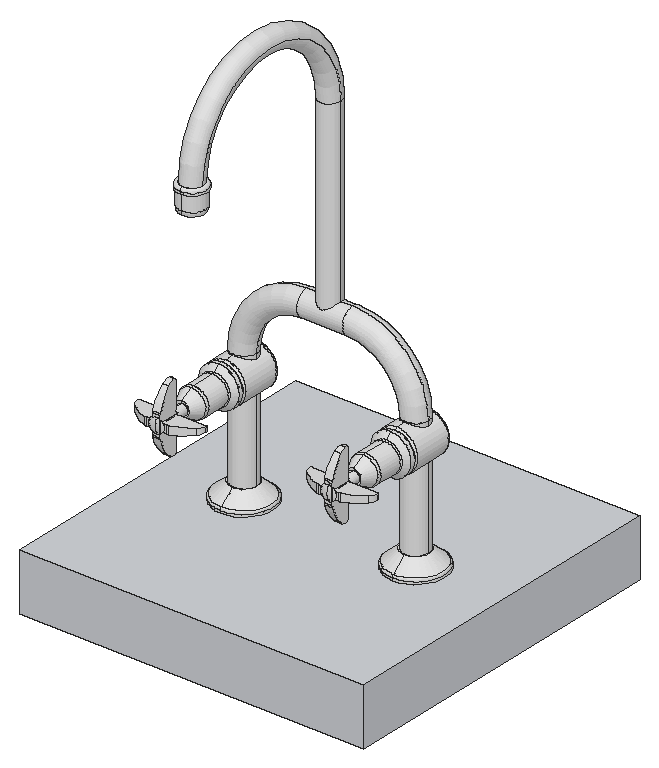
Revit family
Parameters (values of type "TL13FJ1C")
  WELSRating_ANZRS = "5 star"
  URL = "www.galvinengineering.com.au"
  Type Comments = "TL13"
  TubeNozzleVisibility = no
  StyleOrType_ANZRS = "Plumbing Fixture"
  Seating = "Jumper Valve"
  PlumbingMaterial_ANZRS = Metal_Taps_DR-Brass-with-Chrome-Finish_10800
  Outlet = "#1 Aerator"
  ModifiedIssue_ANZRS = 20120305.01  # constant formula
  Model = "TL13FJ1C"
  Manufacturer = "Galvin Engineering"
  Keynote = "15400"
  Instructions = "http://www.galvinengineering.com.au/Installation_Guides_1.aspx"
  Inlet = "15mm Male"
  FlowRate = 0.10 L/s
  FilterObject_ANZRS = "TL13"
  Description = "Lab Set H & C Mixing Unit Type 13 Fixed Outlet, Jumper Valves"
  Default Elevation = 900 mm
  CreatedBy_ANZRS = "Galvin Engineering"
  CreatedByURL_ANZRS = "www.galvinengineering.com.au"
  CreatedByPhoneNo_ANZRS = "61-8-92495900"
  Circulation_ANZRS = yes
  Assembly Code = "D2010"
  AeratorVisibility = not(TubeNozzleVisibility)  # yes
Types (4, lengths in mm): name | TubeNozzleVisibility | Outlet | Model | Description | AeratorVisibility
  (no name) | no | "#1 Aerator" | "TL13FJ1C" | "Lab Set H & C Mixing Unit Type 13 Fixed Outlet, Jumper Valves" | yes
  TL13FJ1C | no | "#1 Aerator" | "TL13FJ1C" | "Lab Set H & C Mixing Unit Type 13 Fixed Outlet, Jumper Valves" | yes
  TL13SJ1C | no | "#1 Aerator" | "TL13SJ1C" | "Lab Set H & C Mixing Unit Type 13 Swivel Outlet, Jumper Valves" | yes
  TL13SJ16C | yes | "#16 XT Tube Nozzle with Integral Mini Dual Check Valve" | "TL13SJ16C" | "Lab H & C Mixing Unit Type 13 Swivel Outlet, Jumper Valves" | no
Reference planes
  plane 1 "Center (Front/Back)": y = 0
  plane 2 "Face": z = 0
  plane 3 "Center (Left/Right)": x = 0
  plane 4 "Left": x = -75
  plane 5 "Right": x = 75
  plane 6 "ConnectorHostRight": z = 0
Forms (mm)
  Extrusion 1, solid
    sketch origin (0, -719.2, 0) x (1, 0, 0) y (0, 1, 0)
      loop
        line (-150, 869.2) -> (-150, 569.2) -> (150, 569.2) -> (150, 869.2) -> (-150, 869.2)
    from 0 to -50
  Revolve 2, solid, material "Metal_Taps_DR-Brass-with-Chrome-Finish_10800" <- "PlumbingMaterial_ANZRS"
    sketch origin (-75, 0, 0) x (0, 1, 0) y (0, 0, 1)
      loop
        arc (-24.197, 4.315) -> (-24.988, 3.281) -> (-25.27, 2.01) r 3.014
        line (-25.27, 2.01) -> (-25.27, 0) -> (0, 0) -> (0, 14.368) -> (-12.258, 14.368) -> (-24.197, 4.315)
      axis (0, 0) -> (0, 14.368)
    angle from 0 to 360
  Revolve 3, solid, material "Metal_Taps_DR-Brass-with-Chrome-Finish_10800" <- "PlumbingMaterial_ANZRS"
    sketch origin (-75, 0, 0) x (0, 1, 0) y (0, 0, 1)
      loop
        arc (-96.5, 99.508) -> (-96.207, 96.157) -> (-95.336, 92.908) r 19.294
        line (-95.336, 92.908) -> (-95.336, 98.34) -> (-76.936, 98.34) -> (-76.936, 94.778) -> (-67.5, 94.778) -> (-67.5, 93.008) -> (-56.585, 87.369)
        arc (-56.585, 87.369) -> (-55.465, 86.95) -> (-54.279, 86.808) r 5.024
        line (-54.279, 86.808) -> (-33.536, 86.808)
        arc (-33.536, 86.808) -> (-32.602, 86.627) -> (-31.804, 86.111) r 2.5
        line (-31.804, 86.111) -> (-27.25, 81.649) -> (-23.75, 81.649)
        arc (-23.75, 81.649) -> (-23.236, 82.154) -> (-22.843, 82.757) r 3.334
        line (-22.843, 82.757) -> (-20.1, 81.5) -> (13, 81.5)
        arc (13, 81.5) -> (14.768, 82.232) -> (15.5, 84) r 2.5
        line (15.5, 84) -> (15.5, 99.508) -> (-96.5, 99.508)
      axis (15.5, 99.508) -> (-96.5, 99.508)
    angle from 0 to 360
  Revolve 4, solid, material "Metal_Taps_DR-Brass-with-Chrome-Finish_10800" <- "PlumbingMaterial_ANZRS"
    sketch origin (-75, 0, 0) x (0, 1, 0) y (0, 0, 1)
      loop
        arc (-78.606, 69.605) -> (-77.486, 70.015) -> (-77.015, 71.11) r 1.507
        line (-77.015, 71.11) -> (-77.015, 127.376)
        arc (-77.015, 127.376) -> (-77.47, 128.456) -> (-78.562, 128.883) r 1.507
        arc (-78.562, 128.883) -> (-82.032, 128.231) -> (-84.988, 126.301) r 9.043
        arc (-84.988, 126.301) -> (-91.19, 118.494) -> (-95.28, 109.401) r 40.19
        arc (-95.28, 109.401) -> (-95.446, 108.671) -> (-95.502, 107.925) r 5.024
        line (-95.502, 107.925) -> (-95.502, 90.425)
        arc (-95.502, 90.425) -> (-95.447, 89.68) -> (-95.281, 88.952) r 5.024
        arc (-95.281, 88.952) -> (-91.265, 79.969) -> (-85.186, 72.231) r 40.19
        arc (-85.186, 72.231) -> (-82.164, 70.247) -> (-78.606, 69.605) r 9.043
      axis (-53.252, 128.883) -> (-53.252, 69.605)
    angle from -4.66 to 4.66
  Revolve 5, solid, material "Metal_Taps_DR-Brass-with-Chrome-Finish_10800" <- "PlumbingMaterial_ANZRS"
    sketch origin (-185.243, 253.328, 99.244) x (-1, 0, 0) y (0, -1, 0)
      loop
        arc (-139.881, 331.934) -> (-139.471, 330.815) -> (-138.376, 330.343) r 1.507
        line (-138.376, 330.343) -> (-82.11, 330.343)
        arc (-82.11, 330.343) -> (-81.03, 330.799) -> (-80.603, 331.89) r 1.507
        arc (-80.603, 331.89) -> (-81.255, 335.36) -> (-83.186, 338.316) r 9.043
        arc (-83.186, 338.316) -> (-90.992, 344.519) -> (-100.085, 348.609) r 40.19
        arc (-100.085, 348.609) -> (-100.815, 348.775) -> (-101.562, 348.831) r 5.024
        line (-101.562, 348.831) -> (-119.061, 348.831)
        arc (-119.061, 348.831) -> (-119.806, 348.775) -> (-120.534, 348.61) r 5.024
        arc (-120.534, 348.61) -> (-129.517, 344.593) -> (-137.255, 338.514) r 40.19
        arc (-137.255, 338.514) -> (-139.239, 335.492) -> (-139.881, 331.934) r 9.043
      axis (-80.603, 306.581) -> (-139.881, 306.581)
    angle from -4.66 to 4.66
  Sweep 6, solid, material "Metal_Taps_DR-Brass-with-Chrome-Finish_10800" <- "PlumbingMaterial_ANZRS"
    path origin (0, 0, 0) x (0, 1, 0) y (0, 0, 1)
      loop
        arc (-149.946, 340.477) -> (-74.967, 415.456) -> (0.013, 340.477) r 74.979
        line (0.013, 340.477) -> (0.013, 172.887)
    profile origin (0, 0.013, 256.682) x (1, 0, 0) y (0, 1, 0)
      loop
        circle (0, 0) r 9.55
  Revolve 7, solid, material "Metal_Taps_DR-Brass-with-Chrome-Finish_10800" <- "PlumbingMaterial_ANZRS"
    sketch origin (75, 0, 0) x (0, 1, 0) y (0, 0, 1)
      loop
        arc (-96.5, 99.508) -> (-96.207, 96.157) -> (-95.336, 92.908) r 19.294
        line (-95.336, 92.908) -> (-95.336, 98.34) -> (-76.936, 98.34) -> (-76.936, 94.778) -> (-67.5, 94.778) -> (-67.5, 93.008) -> (-56.585, 87.369)
        arc (-56.585, 87.369) -> (-55.465, 86.95) -> (-54.279, 86.808) r 5.024
        line (-54.279, 86.808) -> (-33.536, 86.808)
        arc (-33.536, 86.808) -> (-32.602, 86.627) -> (-31.804, 86.111) r 2.5
        line (-31.804, 86.111) -> (-27.25, 81.649) -> (-23.75, 81.649)
        arc (-23.75, 81.649) -> (-23.236, 82.154) -> (-22.843, 82.757) r 3.334
        line (-22.843, 82.757) -> (-20.1, 81.5) -> (13, 81.5)
        arc (13, 81.5) -> (14.768, 82.232) -> (15.5, 84) r 2.5
        line (15.5, 84) -> (15.5, 99.508) -> (-96.5, 99.508)
      axis (15.5, 99.508) -> (-96.5, 99.508)
    angle from 0 to 360
  Revolve 8, solid, material "Metal_Taps_DR-Brass-with-Chrome-Finish_10800" <- "PlumbingMaterial_ANZRS"
    sketch origin (75, 0, 0) x (0, 1, 0) y (0, 0, 1)
      loop
        arc (-78.606, 69.605) -> (-77.486, 70.015) -> (-77.015, 71.11) r 1.507
        line (-77.015, 71.11) -> (-77.015, 127.376)
        arc (-77.015, 127.376) -> (-77.47, 128.456) -> (-78.562, 128.883) r 1.507
        arc (-78.562, 128.883) -> (-82.032, 128.231) -> (-84.988, 126.301) r 9.043
        arc (-84.988, 126.301) -> (-91.19, 118.494) -> (-95.28, 109.401) r 40.19
        arc (-95.28, 109.401) -> (-95.446, 108.671) -> (-95.502, 107.925) r 5.024
        line (-95.502, 107.925) -> (-95.502, 90.425)
        arc (-95.502, 90.425) -> (-95.447, 89.68) -> (-95.281, 88.952) r 5.024
        arc (-95.281, 88.952) -> (-91.265, 79.969) -> (-85.186, 72.231) r 40.19
        arc (-85.186, 72.231) -> (-82.164, 70.247) -> (-78.606, 69.605) r 9.043
      axis (-53.252, 128.883) -> (-53.252, 69.605)
    angle from -4.66 to 4.66
  Revolve 9, solid, material "Metal_Taps_DR-Brass-with-Chrome-Finish_10800" <- "PlumbingMaterial_ANZRS"
    sketch origin (-35.243, 253.328, 99.244) x (-1, 0, 0) y (0, -1, 0)
      loop
        arc (-139.881, 331.934) -> (-139.471, 330.815) -> (-138.376, 330.343) r 1.507
        line (-138.376, 330.343) -> (-82.11, 330.343)
        arc (-82.11, 330.343) -> (-81.03, 330.799) -> (-80.603, 331.89) r 1.507
        arc (-80.603, 331.89) -> (-81.255, 335.36) -> (-83.186, 338.316) r 9.043
        arc (-83.186, 338.316) -> (-90.992, 344.519) -> (-100.085, 348.609) r 40.19
        arc (-100.085, 348.609) -> (-100.815, 348.775) -> (-101.562, 348.831) r 5.024
        line (-101.562, 348.831) -> (-119.061, 348.831)
        arc (-119.061, 348.831) -> (-119.806, 348.775) -> (-120.534, 348.61) r 5.024
        arc (-120.534, 348.61) -> (-129.517, 344.593) -> (-137.255, 338.514) r 40.19
        arc (-137.255, 338.514) -> (-139.239, 335.492) -> (-139.881, 331.934) r 9.043
      axis (-80.603, 306.581) -> (-139.881, 306.581)
    angle from -4.66 to 4.66
  Revolve 10, solid, material "Metal_Taps_DR-Brass-with-Chrome-Finish_10800" <- "PlumbingMaterial_ANZRS"
    sketch origin (75, 0, 0) x (0, 1, 0) y (0, 0, 1)
      loop
        arc (-24.197, 4.315) -> (-24.988, 3.281) -> (-25.27, 2.01) r 3.014
        line (-25.27, 2.01) -> (-25.27, 0) -> (0, 0) -> (0, 14.368) -> (-12.258, 14.368) -> (-24.197, 4.315)
      axis (0, 0) -> (0, 14.368)
    angle from 0 to 360
  Sweep 11, solid, material "Metal_Taps_DR-Brass-with-Chrome-Finish_10800" <- "PlumbingMaterial_ANZRS"
    path origin (0, 0, 0) x (1, 0, 0) y (0, 0, 1)
      loop
        line (-74.998, 14.3) -> (-74.998, 117.777)
        arc (-74.998, 117.777) -> (-58.856, 156.746) -> (-19.887, 172.888) r 55.11
        line (-19.887, 172.888) -> (19.888, 172.888)
        arc (19.888, 172.888) -> (58.856, 156.746) -> (74.998, 117.778) r 55.11
        line (74.998, 117.778) -> (74.998, 14.3)
    profile origin (-74.998, 0, 66.039) x (-1, 0, 0) y (0, -1, 0)
      loop
        circle (0, 0) r 11.11
  Revolve 12, solid, material "Metal_Taps_DR-Brass-with-Chrome-Finish_10800" <- "PlumbingMaterial_ANZRS", visible <- "AeratorVisibility"
    sketch origin (0, 0, 0) x (0, 1, 0) y (0, 0, 1)
      loop
        line (-150.101, 318.877) -> (-139.101, 318.877)
        arc (-139.101, 318.877) -> (-138.619, 320.595) -> (-138.501, 322.377) r 8.634
        line (-138.501, 322.377) -> (-138.501, 335.877) -> (-137.401, 335.877) -> (-137.401, 337.977)
        arc (-137.401, 337.977) -> (-138.133, 339.744) -> (-139.901, 340.477) r 2.5
        line (-139.901, 340.477) -> (-150.101, 340.477) -> (-150.101, 318.877)
      axis (-150.101, 340.477) -> (-150.101, 318.877)
    angle from 0 to 360
  Revolve 13, solid, material "Metal_Taps_DR-Brass-with-Chrome-Finish_10800" <- "PlumbingMaterial_ANZRS", visible <- "TubeNozzleVisibility"
    sketch origin (0, 0, 0) x (0, 1, 0) y (0, 0, 1)
      loop
        line (-162.588, 326.433) -> (-161.763, 326.433) -> (-160.097, 324.707)
        arc (-160.097, 324.707) -> (-159.785, 324.227) -> (-159.676, 323.665) r 1.5
        line (-159.676, 323.665) -> (-159.676, 293.877)
        arc (-159.676, 293.877) -> (-159.09, 292.463) -> (-157.676, 291.877) r 2
        line (-157.676, 291.877) -> (-155.378, 291.877) -> (-155.378, 288.377) -> (-156.178, 288.377) -> (-154.882, 284.077) -> (-155.678, 284.077) -> (-154.428, 279.777) -> (-155.228, 279.777) -> (-153.897, 275.477) -> (-154.678, 275.477) -> (-153.558, 271.622)
        arc (-153.558, 271.622) -> (-153.335, 271.301) -> (-152.964, 271.177) r 0.618
        line (-152.964, 271.177) -> (-149.829, 271.177) -> (-149.829, 340.477) -> (-160.076, 340.477)
        arc (-160.076, 340.477) -> (-161.852, 339.741) -> (-162.588, 337.965) r 2.512
        line (-162.588, 337.965) -> (-162.588, 326.433)
      axis (-149.829, 271.177) -> (-149.829, 340.477)
    angle from 0 to 360
Cuts and joins
  joined: Revolve 3, Sweep 6, Revolve 7, Sweep 11
Lines and regions (mm)
  symbolic lines, style "Taps/Mixers"
    curve 1: arc (0, -24.197, 4.315) -> (0, -24.988, 3.281) -> (0, -25.27, 2.01) r 3.014
    curve 2: arc (0, 25.27, 2.01) -> (0, 24.988, 3.281) -> (0, 24.197, 4.315) r 3.014
    curve 3: arc (0, -27.196, 100) -> (0, -28.476, 93.686) -> (0, -27.196, 87.371) r 16.219
    curve 4: arc (0, -23.696, 87.371) -> (0, -22.417, 93.686) -> (0, -23.696, 100) r 16.219
    curve 5: arc (0, -31.6, 86.456) -> (0, -32.445, 87.079) -> (0, -33.473, 87.3) r 2.5
    curve 6: arc (0, -23.696, 82.141) -> (0, -22.43, 84.756) -> (0, -23.696, 87.371) r 3.334
    curve 7: arc (0, -27.196, 87.371) -> (0, -28.463, 84.756) -> (0, -27.196, 82.141) r 3.334
    curve 8: arc (0, -56.528, 87.86) -> (0, -55.408, 87.441) -> (0, -54.222, 87.299) r 5.024
    curve 9: arc (0, -33.482, 112.7) -> (0, -32.525, 112.89) -> (0, -31.714, 113.432) r 2.5
    curve 10: arc (0, -23.696, 100) -> (0, -22.417, 106.314) -> (0, -23.696, 112.629) r 16.219
    curve 11: arc (0, -27.196, 112.629) -> (0, -28.476, 106.314) -> (0, -27.196, 100) r 16.219
    curve 12: arc (0, -27.196, 117.859) -> (0, -28.463, 115.244) -> (0, -27.196, 112.629) r 3.334
    curve 13: arc (0, -23.696, 112.629) -> (0, -22.43, 115.244) -> (0, -23.696, 117.859) r 3.334
    curve 14: arc (0, -54.231, 112.7) -> (0, -55.412, 112.559) -> (0, -56.526, 112.142) r 5
    curve 15: line (0, 11.166, 14.368) -> (0, 11.166, 81.499)
    curve 16: line (0, 12.258, 14.368) -> (0, -12.258, 14.368)
    curve 17: line (0, 25.27, 2.01) -> (0, -25.27, 2.01)
    curve 18: line (0, -25.27, 0) -> (0, -25.27, 2.01)
    curve 19: line (0, -12.258, 14.368) -> (0, -24.197, 4.315)
    curve 20: line (0, 12.258, 14.368) -> (0, 24.197, 4.315)
    curve 21: line (0, 25.27, 2.01) -> (0, 25.27, 0)
    curve 22: line (0, 25.27, 0) -> (0, -25.27, 0)
    curve 23: line (0, -56.526, 112.142) -> (0, -67.446, 106.5)
    curve 24: line (0, -67.446, 106.5) -> (0, -67.446, 93.501)
    curve 25: line (0, -67.446, 93.501) -> (0, -56.528, 87.86)
    curve 26: line (0, -33.473, 87.3) -> (0, -54.231, 87.3)
    curve 27: line (0, -54.231, 87.3) -> (0, -54.231, 112.7)
    curve 28: line (0, -54.231, 112.7) -> (0, -33.482, 112.7)
    curve 29: line (0, -28.446, 85.087) -> (0, -28.446, 115.575)
    curve 30: line (0, -23.696, 87.371) -> (0, -27.196, 87.371)
    curve 31: line (0, -23.696, 82.141) -> (0, -27.196, 82.141)
    curve 32: line (0, -27.196, 82.141) -> (0, -31.6, 86.456)
    curve 33: line (0, -22.442, 82.598) -> (0, -22.442, 117.402)
    curve 34: line (0, -23.696, 100) -> (0, -27.196, 100)
    curve 35: line (0, -23.696, 117.859) -> (0, -27.196, 117.859)
    curve 36: line (0, -27.196, 117.859) -> (0, -31.714, 113.432)
    curve 37: line (0, -23.696, 112.629) -> (0, -27.196, 112.629)
    curve 38: line (0, -11.059, 81.5) -> (0, -11.059, 14.368)
    curve 39: line (0, -67.446, 104.73) -> (0, -76.882, 104.73)
    curve 40: line (0, -67.446, 95.27) -> (0, -76.882, 95.27)
    curve 41: line (0, -76.882, 71.992) -> (0, -76.882, 128.127)
    curve 42: arc (0, -76.882, 128.127) -> (0, -77.341, 129.207) -> (0, -78.438, 129.626) r 1.5
    curve 43: arc (0, -78.438, 129.626) -> (0, -81.912, 128.985) -> (0, -84.871, 127.057) r 9
    curve 44: arc (0, -84.871, 127.057) -> (0, -91.045, 119.288) -> (0, -95.115, 110.237) r 40
    curve 45: arc (0, -95.115, 110.237) -> (0, -95.281, 109.511) -> (0, -95.336, 108.768) r 5
    curve 46: line (0, -95.336, 91.352) -> (0, -95.336, 108.768)
    curve 47: arc (0, -94.995, 105.067) -> (0, -94.264, 104.023) -> (0, -93.113, 103.475) r 2.5
    curve 48: line (0, -76.882, 102.055) -> (0, -93.113, 103.475)
    curve 49: arc (0, -95.336, 106.979) -> (0, -95.25, 106.008) -> (0, -94.995, 105.067) r 5.528
    curve 50: arc (0, -76.882, 71.992) -> (0, -77.341, 70.912) -> (0, -78.438, 70.493) r 1.5
    curve 51: arc (0, -78.438, 70.493) -> (0, -81.912, 71.134) -> (0, -84.871, 73.063) r 9
    curve 52: arc (0, -84.871, 73.063) -> (0, -91.045, 80.832) -> (0, -95.115, 89.882) r 40
    curve 53: arc (0, -95.115, 89.882) -> (0, -95.281, 90.609) -> (0, -95.336, 91.352) r 5
    curve 54: arc (0, -94.995, 95.052) -> (0, -94.264, 96.096) -> (0, -93.113, 96.644) r 2.5
    curve 55: line (0, -76.882, 98.064) -> (0, -93.113, 96.644)
    curve 56: arc (0, -95.336, 93.141) -> (0, -95.25, 94.112) -> (0, -94.995, 95.052) r 5.528
    curve 57: arc (0, -95.336, 106.66) -> (0, -96.5, 100.06) -> (0, -95.336, 93.46) r 19.294
    curve 58: line (0, -22.442, 117.402) -> (0, -20.046, 118.5)
    curve 59: line (0, -20.046, 118.5) -> (0, -11.059, 118.5)
    curve 60: line (0, -20.046, 118.5) -> (0, -20.046, 81.5)
    curve 61: arc (0, -11.059, 118.472) -> (0, 0.054, 114.762) -> (0, 11.166, 118.472) r 18.5
    curve 62: line (0, 13.054, 118.5) -> (0, 11.204, 118.5)
    curve 63: arc (0, 15.554, 116) -> (0, 14.822, 117.768) -> (0, 13.054, 118.5) r 2.5
    curve 64: line (0, 13.054, 81.499) -> (0, 13.054, 118.5)
    curve 65: line (0, 15.554, 84) -> (0, 15.554, 116)
    curve 66: line (0, -22.442, 82.598) -> (0, -20.046, 81.5)
    curve 67: line (0, -20.046, 81.5) -> (0, -11.059, 81.5)
    curve 68: arc (0, -11.059, 81.528) -> (0, 0.054, 85.238) -> (0, 11.166, 81.528) r 18.5
    curve 69: line (0, 13.054, 81.499) -> (0, 11.166, 81.499)
    curve 70: arc (0, 15.554, 84) -> (0, 14.822, 82.232) -> (0, 13.054, 81.5) r 2.5
    curve 71: line (0, -11.059, 118.472) -> (0, -11.059, 172.877)
    curve 72: line (0, 11.166, 118.472) -> (0, 11.166, 172.877)
    curve 73: arc (0, -11.059, 172.877) -> (0, 0.054, 183.989) -> (0, 11.166, 172.877) r 11.112
    curve 74: arc (0, -9.471, 340.477) -> (0, -74.434, 405.95) -> (0, -140.413, 341.502) r 65.475
    curve 75: arc (0, 9.579, 340.477) -> (0, -74.434, 425) -> (0, -159.465, 341.502) r 84.525
    curve 76: line (0, -9.471, 340.477) -> (0, -9.471, 178.601)
    curve 77: line (0, 9.579, 340.477) -> (0, 9.579, 178.601)
    curve 78: arc (-99.082, 0, 4.295) -> (-99.87, 0, 3.266) -> (-100.15, 0, 2) r 3
    curve 79: arc (-49.85, 0, 2) -> (-50.13, 0, 3.266) -> (-50.918, 0, 4.295) r 3
    curve 80: arc (9.504, 0, 415.475) -> (-0.021, 0, 425) -> (-9.546, 0, 415.475) r 9.525
    curve 81: line (-85.834, 0, 14.3) -> (-85.834, 0, 85.209)
    curve 82: line (-63.899, 0, 14.3) -> (-63.9, 0, 84.995)
    curve 83: line (-62.8, 0, 14.3) -> (-50.918, 0, 4.295)
    curve 84: line (-49.85, 0, 2) -> (-100.15, 0, 2)
    curve 85: line (-100.15, 0, 0) -> (-100.15, 0, 2)
    curve 86: line (-87.2, 0, 14.3) -> (-62.8, 0, 14.3)
    curve 87: line (-87.2, 0, 14.3) -> (-99.082, 0, 4.295)
    curve 88: line (-49.85, 0, 2) -> (-49.85, 0, 0)
    curve 89: line (-49.85, 0, 0) -> (-100.15, 0, 0)
    curve 90: line (-9.546, 0, 415.475) -> (-9.546, 0, 341.502)
    curve 91: line (9.504, 0, 415.475) -> (9.504, 0, 341.502)
    curve 93: line (9.538, 0, 224.25) -> (9.538, 0, 292.634)
    curve 94: arc (-89.358, 0, 103.934) -> (-82.105, 0, 107.385) -> (-78.654, 0, 114.639) r 12
    curve 95: line (-78.654, 0, 114.639) -> (-77.258, 0, 128.154)
    curve 96: arc (-77.258, 0, 128.154) -> (-76.771, 0, 129.114) -> (-75.766, 0, 129.5) r 1.5
    curve 97: line (-75.766, 0, 129.5) -> (-73.677, 0, 129.5)
    curve 98: arc (-73.677, 0, 129.5) -> (-72.67, 0, 129.112) -> (-72.184, 0, 128.149) r 1.5
    curve 99: line (-72.184, 0, 128.149) -> (-70.837, 0, 114.682)
    curve 100: arc (-70.837, 0, 114.682) -> (-67.396, 0, 107.404) -> (-60.129, 0, 103.939) r 12
    curve 101: line (-60.129, 0, 103.939) -> (-46.565, 0, 102.539)
    curve 102: arc (-46.565, 0, 102.539) -> (-45.606, 0, 102.052) -> (-45.219, 0, 101.047) r 1.5
    curve 103: line (-45.219, 0, 101.047) -> (-45.219, 0, 98.953)
    curve 104: arc (-45.219, 0, 98.953) -> (-45.606, 0, 97.948) -> (-46.565, 0, 97.461) r 1.5
    curve 105: line (-46.565, 0, 97.461) -> (-60.129, 0, 96.061)
    curve 106: arc (-60.129, 0, 96.061) -> (-67.396, 0, 92.596) -> (-70.837, 0, 85.318) r 12
    curve 107: line (-70.837, 0, 85.318) -> (-72.184, 0, 71.851)
    curve 108: arc (-72.184, 0, 71.851) -> (-72.67, 0, 70.888) -> (-73.677, 0, 70.5) r 1.5
    curve 109: line (-73.677, 0, 70.5) -> (-75.766, 0, 70.5)
    curve 110: arc (-75.766, 0, 70.5) -> (-76.771, 0, 70.886) -> (-77.258, 0, 71.846) r 1.5
    curve 111: line (-77.258, 0, 71.846) -> (-78.654, 0, 85.361)
    curve 112: arc (-78.654, 0, 85.361) -> (-82.105, 0, 92.615) -> (-89.358, 0, 96.066) r 12
    curve 113: line (-89.358, 0, 96.066) -> (-102.873, 0, 97.461)
    curve 114: arc (-102.873, 0, 97.461) -> (-103.833, 0, 97.948) -> (-104.219, 0, 98.953) r 1.5
    curve 115: line (-104.219, 0, 98.953) -> (-104.219, 0, 101.047)
    curve 116: arc (-104.219, 0, 101.047) -> (-103.833, 0, 102.052) -> (-102.873, 0, 102.539) r 1.5
    curve 117: line (-102.873, 0, 102.539) -> (-89.358, 0, 103.934)
    curve 118: circle (-74.722, 0, 100) r 6.5 normal (0, -1, 0)
    curve 123: arc (-78.507, 0, 116.06) -> (-86.39, 0, 111.669) -> (-90.783, 0, 103.787) r 16.5
    curve 124: arc (-58.664, 0, 103.788) -> (-63.071, 0, 111.682) -> (-70.976, 0, 116.069) r 16.5
    curve 125: arc (-70.976, 0, 83.931) -> (-63.071, 0, 88.318) -> (-58.664, 0, 96.212) r 16.5
    curve 126: arc (-90.783, 0, 96.213) -> (-86.39, 0, 88.331) -> (-78.507, 0, 83.94) r 16.5
    curve 139: arc (-78.291, 0, 118.152) -> (-87.802, 0, 113.082) -> (-92.874, 0, 103.571) r 18.5
    curve 140: arc (-56.57, 0, 103.572) -> (-61.653, 0, 113.094) -> (-71.185, 0, 118.159) r 18.5
    curve 141: arc (-71.185, 0, 81.841) -> (-61.653, 0, 86.906) -> (-56.57, 0, 96.428) r 18.5
    curve 142: arc (-92.874, 0, 96.429) -> (-87.802, 0, 86.918) -> (-78.291, 0, 81.848) r 18.5
    curve 143: arc (89.912, 0, 103.934) -> (82.658, 0, 107.385) -> (79.207, 0, 114.639) r 12
    curve 144: line (79.207, 0, 114.639) -> (77.812, 0, 128.154)
    curve 145: arc (77.812, 0, 128.154) -> (77.325, 0, 129.114) -> (76.32, 0, 129.5) r 1.5
    curve 146: line (76.32, 0, 129.5) -> (74.231, 0, 129.5)
    curve 147: arc (74.231, 0, 129.5) -> (73.224, 0, 129.112) -> (72.738, 0, 128.149) r 1.5
    curve 148: line (72.738, 0, 128.149) -> (71.391, 0, 114.682)
    curve 149: arc (71.391, 0, 114.682) -> (67.949, 0, 107.404) -> (60.683, 0, 103.939) r 12
    curve 150: line (60.683, 0, 103.939) -> (47.119, 0, 102.539)
    curve 151: arc (47.119, 0, 102.539) -> (46.159, 0, 102.052) -> (45.773, 0, 101.047) r 1.5
    curve 152: line (45.773, 0, 101.047) -> (45.773, 0, 98.953)
    curve 153: arc (45.773, 0, 98.953) -> (46.159, 0, 97.948) -> (47.119, 0, 97.461) r 1.5
    curve 154: line (47.119, 0, 97.461) -> (60.683, 0, 96.061)
    curve 155: arc (60.683, 0, 96.061) -> (67.949, 0, 92.596) -> (71.391, 0, 85.318) r 12
    curve 156: line (71.391, 0, 85.318) -> (72.738, 0, 71.851)
    curve 157: arc (72.738, 0, 71.851) -> (73.224, 0, 70.888) -> (74.231, 0, 70.5) r 1.5
    curve 158: line (74.231, 0, 70.5) -> (76.32, 0, 70.5)
    curve 159: arc (76.32, 0, 70.5) -> (77.325, 0, 70.886) -> (77.812, 0, 71.846) r 1.5
    curve 160: line (77.812, 0, 71.846) -> (79.207, 0, 85.361)
    curve 161: arc (79.207, 0, 85.361) -> (82.658, 0, 92.615) -> (89.912, 0, 96.066) r 12
    curve 162: line (89.912, 0, 96.066) -> (103.427, 0, 97.461)
    curve 163: arc (103.427, 0, 97.461) -> (104.387, 0, 97.948) -> (104.773, 0, 98.953) r 1.5
    curve 164: line (104.773, 0, 98.953) -> (104.773, 0, 101.047)
    curve 165: arc (104.773, 0, 101.047) -> (104.387, 0, 102.052) -> (103.427, 0, 102.539) r 1.5
    curve 166: line (103.427, 0, 102.539) -> (89.912, 0, 103.934)
    curve 167: circle (75.275, 0, 100) r 6.5 normal (0, 1, 0)
    curve 172: arc (79.06, 0, 116.06) -> (86.943, 0, 111.669) -> (91.337, 0, 103.787) r 16.5
    curve 173: arc (59.218, 0, 103.788) -> (63.625, 0, 111.682) -> (71.53, 0, 116.069) r 16.5
    curve 174: arc (71.53, 0, 83.931) -> (63.625, 0, 88.318) -> (59.218, 0, 96.212) r 16.5
    curve 175: arc (91.337, 0, 96.213) -> (86.943, 0, 88.331) -> (79.06, 0, 83.94) r 16.5
    curve 188: arc (78.845, 0, 118.146) -> (88.336, 0, 113.072) -> (93.397, 0, 103.574) r 18.5
    curve 189: arc (57.093, 0, 103.568) -> (62.186, 0, 113.104) -> (71.739, 0, 118.165) r 18.5
    curve 190: arc (71.739, 0, 81.835) -> (62.365, 0, 86.72) -> (57.196, 0, 95.941) r 18.5
    curve 191: arc (93.287, 0, 95.91) -> (88.148, 0, 86.743) -> (78.845, 0, 81.854) r 18.5
    curve 192: line (-63.609, 0, 117.775) -> (-63.609, 0, 114.791)
    curve 193: arc (-19.609, 0, 161.775) -> (-50.722, 0, 148.888) -> (-63.609, 0, 117.775) r 44
    curve 194: line (-19.609, 0, 161.775) -> (20.166, 0, 161.775)
    curve 195: arc (64.166, 0, 117.775) -> (51.279, 0, 148.888) -> (20.166, 0, 161.775) r 44
    curve 196: line (64.166, 0, 117.775) -> (64.166, 0, 114.816)
    curve 197: line (-85.834, 0, 117.755) -> (-85.833, 0, 114.791)
    curve 198: arc (-19.609, 0, 184) -> (-66.444, 0, 164.596) -> (-85.834, 0, 117.755) r 66.225
    curve 199: line (-19.609, 0, 184) -> (-8.525, 0, 184)
    curve 200: arc (-1.37, 0, 179.364) -> (-4.324, 0, 182.643) -> (-8.525, 0, 184) r 8.501
    curve 201: line (1.329, 0, 179.364) -> (-1.37, 0, 179.364)
    curve 202: arc (8.483, 0, 184) -> (4.283, 0, 182.643) -> (1.329, 0, 179.364) r 8.501
    curve 203: line (8.483, 0, 184) -> (20.166, 0, 184)
    curve 204: arc (86.389, 0, 117.777) -> (66.993, 0, 164.604) -> (20.166, 0, 184) r 66.223
    curve 205: line (86.389, 0, 117.777) -> (86.389, 0, 114.767)
    curve 206: arc (99.197, 0, 4.315) -> (99.988, 0, 3.281) -> (100.27, 0, 2.01) r 3.014
    curve 207: arc (49.73, 0, 2.01) -> (50.012, 0, 3.281) -> (50.803, 0, 4.315) r 3.014
    curve 208: line (86.165, 0, 14.368) -> (86.165, 0, 85.067)
    curve 209: line (63.835, 0, 14.368) -> (63.835, 0, 85.438)
    curve 210: line (62.742, 0, 14.368) -> (50.803, 0, 4.315)
    curve 211: line (49.73, 0, 2.01) -> (100.27, 0, 2.01)
    curve 212: line (100.27, 0, 0) -> (100.27, 0, 2.01)
    curve 213: line (87.258, 0, 14.368) -> (62.742, 0, 14.368)
    curve 214: line (87.258, 0, 14.368) -> (99.197, 0, 4.315)
    curve 215: line (49.73, 0, 2.01) -> (49.73, 0, 0)
    curve 216: line (49.73, 0, 0) -> (100.27, 0, 0)
    curve 217: line (-93.008, 13, 0) -> (-93.008, -20.1, 0)
    curve 218: line (-56.992, -20.1, 0) -> (-93.008, -20.1, 0)
    curve 219: line (-57.141, -23.75, 0) -> (-92.859, -23.75, 0)
    curve 220: line (-57.141, -27.25, 0) -> (-92.859, -27.25, 0)
    curve 221: line (-61.603, -31.804, 0) -> (-88.397, -31.804, 0)
    curve 222: line (-87.202, -56.463, 0) -> (-81.5, -67.5, 0)
    curve 223: line (-87.7, -33.536, 0) -> (-87.7, -54.416, 0)
    curve 224: line (-62.3, -54.416, 0) -> (-62.3, -33.536, 0)
    curve 225: line (-68.5, -67.5, 0) -> (-62.798, -56.463, 0)
    curve 226: line (-68.5, -67.5, 0) -> (-81.5, -67.5, 0)
    curve 227: line (-79.73, -67.5, 0) -> (-79.73, -76.936, 0)
    curve 228: line (-70.27, -76.936, 0) -> (-70.27, -67.5, 0)
    curve 229: line (-46.867, -76.936, 0) -> (-103.133, -76.936, 0)
    curve 230: spline (-102.058, -84.883, 0) -> (-100.868, -86.045, 0) -> (-99.63, -87.156, 0) -> (-98.348, -88.216, 0) -> (-97.022, -89.222, 0) -> (-95.656, -90.172, 0) -> (-94.251, -91.065, 0) -> (-92.811, -91.899, 0) -> (-91.337, -92.673, 0) -> (-89.832, -93.385, 0) -> (-88.299, -94.035, 0) -> (-86.74, -94.62, 0) -> (-85.158, -95.141, 0)
    curve 231: spline (-104.637, -78.343, 0) -> (-104.633, -78.945, 0) -> (-104.588, -79.544, 0) -> (-104.503, -80.14, 0) -> (-104.379, -80.728, 0) -> (-104.215, -81.307, 0) -> (-104.013, -81.874, 0) -> (-103.774, -82.426, 0) -> (-103.498, -82.961, 0) -> (-103.187, -83.476, 0) -> (-102.842, -83.97, 0) -> (-102.465, -84.439, 0) -> (-102.058, -84.883, 0)
    curve 232: spline (-103.133, -76.936, 0) -> (-103.322, -76.948, 0) -> (-103.508, -76.983, 0) -> (-103.688, -77.041, 0) -> (-103.859, -77.122, 0) -> (-104.019, -77.223, 0) -> (-104.165, -77.343, 0) -> (-104.294, -77.48, 0) -> (-104.405, -77.633, 0) -> (-104.497, -77.798, 0) -> (-104.566, -77.973, 0) -> (-104.613, -78.156, 0) -> (-104.637, -78.343, 0)
    curve 233: line (-76.931, -76.936, 0) -> (-78.433, -95.362, 0)
    curve 234: arc (-81.507, -95.362, 0) -> (-75.222, -96.449, 0) -> (-68.915, -95.502, 0) r 20
    curve 235: line (-83.682, -95.362, 0) -> (-67.247, -95.362, 0)
    curve 236: spline (-85.158, -95.141, 0) -> (-85.038, -95.176, 0) -> (-84.918, -95.208, 0) -> (-84.796, -95.238, 0) -> (-84.674, -95.264, 0) -> (-84.552, -95.287, 0) -> (-84.428, -95.307, 0) -> (-84.305, -95.324, 0) -> (-84.18, -95.338, 0) -> (-84.056, -95.348, 0) -> (-83.931, -95.356, 0) -> (-83.807, -95.361, 0) -> (-83.682, -95.362, 0)
    curve 237: arc (-87.7, -54.416, 0) -> (-87.574, -55.469, 0) -> (-87.202, -56.463, 0) r 4.459
    curve 238: line (-92.859, -23.75, 0) -> (-92.859, -27.25, 0)
    curve 239: line (-92.859, -27.25, 0) -> (-88.397, -31.804, 0)
    curve 240: line (-93.008, -20.1, 0) -> (-91.751, -22.843, 0)
    curve 241: arc (-92.859, -23.75, 0) -> (-92.363, -23.226, 0) -> (-91.751, -22.843, 0) r 2.85
    curve 242: line (-91.751, -22.843, 0) -> (-58.249, -22.843, 0)
    curve 243: line (-90.508, 15.5, 0) -> (-59.492, 15.5, 0)
    curve 244: arc (-90.508, 15.5, 0) -> (-92.276, 14.768, 0) -> (-93.008, 13, 0) r 2.5
    curve 245: arc (-88.414, -31.786, 0) -> (-87.885, -32.591, 0) -> (-87.7, -33.536, 0) r 2.5
    curve 246: spline (-47.942, -84.883, 0) -> (-49.132, -86.045, 0) -> (-50.37, -87.156, 0) -> (-51.652, -88.216, 0) -> (-52.978, -89.222, 0) -> (-54.344, -90.172, 0) -> (-55.749, -91.065, 0) -> (-57.189, -91.899, 0) -> (-58.663, -92.673, 0) -> (-60.168, -93.385, 0) -> (-61.701, -94.035, 0) -> (-63.26, -94.62, 0) -> (-64.842, -95.141, 0)
    curve 247: spline (-45.363, -78.343, 0) -> (-45.367, -78.945, 0) -> (-45.412, -79.544, 0) -> (-45.497, -80.14, 0) -> (-45.621, -80.728, 0) -> (-45.785, -81.307, 0) -> (-45.987, -81.874, 0) -> (-46.226, -82.426, 0) -> (-46.502, -82.961, 0) -> (-46.813, -83.476, 0) -> (-47.158, -83.97, 0) -> (-47.535, -84.439, 0) -> (-47.942, -84.883, 0)
    curve 248: spline (-46.867, -76.936, 0) -> (-46.678, -76.948, 0) -> (-46.492, -76.983, 0) -> (-46.312, -77.041, 0) -> (-46.141, -77.122, 0) -> (-45.981, -77.223, 0) -> (-45.835, -77.343, 0) -> (-45.706, -77.48, 0) -> (-45.595, -77.633, 0) -> (-45.503, -77.798, 0) -> (-45.434, -77.973, 0) -> (-45.387, -78.156, 0) -> (-45.363, -78.343, 0)
    curve 249: spline (-64.842, -95.141, 0) -> (-64.962, -95.176, 0) -> (-65.082, -95.208, 0) -> (-65.204, -95.238, 0) -> (-65.326, -95.264, 0) -> (-65.448, -95.287, 0) -> (-65.572, -95.307, 0) -> (-65.695, -95.324, 0) -> (-65.82, -95.338, 0) -> (-65.944, -95.348, 0) -> (-66.069, -95.356, 0) -> (-66.193, -95.361, 0) -> (-66.318, -95.362, 0)
    curve 250: arc (-62.3, -54.416, 0) -> (-62.426, -55.469, 0) -> (-62.798, -56.463, 0) r 4.459
    curve 251: line (-56.992, 13, 0) -> (-56.992, 11.11, 0)
    curve 252: line (-57.141, -23.75, 0) -> (-57.141, -27.25, 0)
    curve 253: line (-57.141, -27.25, 0) -> (-61.603, -31.804, 0)
    curve 254: line (-56.992, -20.1, 0) -> (-58.249, -22.843, 0)
    curve 255: arc (-57.141, -23.75, 0) -> (-57.637, -23.226, 0) -> (-58.249, -22.843, 0) r 2.85
    curve 256: arc (-59.492, 15.5, 0) -> (-57.724, 14.768, 0) -> (-56.992, 13, 0) r 2.5
    curve 257: arc (-61.586, -31.786, 0) -> (-62.115, -32.591, 0) -> (-62.3, -33.536, 0) r 2.5
    curve 258: arc (-56.992, -17.727, 0) -> (-54.381, -14.608, 0) -> (-52.304, -11.11, 0) r 25.267
    curve 259: arc (-52.304, 11.11, 0) -> (-89.602, 20.619, 0) -> (-93.008, -17.722, 0) r 25.267
    curve 260: arc (-74.997, -11.11, 0) -> (-86.107, 0, 0) -> (-74.997, 11.11, 0) r 11.11
    curve 261: line (-73.064, -76.936, 0) -> (-71.562, -95.362, 0)
    curve 262: line (93.008, 13, 0) -> (93.008, -20.1, 0)
    curve 263: line (56.992, -20.1, 0) -> (93.008, -20.1, 0)
    curve 264: line (57.141, -23.75, 0) -> (92.859, -23.75, 0)
    curve 265: line (57.141, -27.25, 0) -> (92.859, -27.25, 0)
    curve 266: line (61.603, -31.804, 0) -> (88.397, -31.804, 0)
    curve 267: line (87.202, -56.463, 0) -> (81.5, -67.5, 0)
    curve 268: line (87.7, -33.536, 0) -> (87.7, -54.416, 0)
    curve 269: line (62.3, -54.416, 0) -> (62.3, -33.536, 0)
    curve 270: line (68.5, -67.5, 0) -> (62.798, -56.463, 0)
    curve 271: line (68.5, -67.5, 0) -> (81.5, -67.5, 0)
    curve 272: line (79.73, -67.5, 0) -> (79.73, -76.936, 0)
    curve 273: line (70.27, -76.936, 0) -> (70.27, -67.5, 0)
    curve 274: line (46.867, -76.936, 0) -> (103.133, -76.936, 0)
    curve 275: spline (102.058, -84.883, 0) -> (100.868, -86.045, 0) -> (99.63, -87.156, 0) -> (98.348, -88.216, 0) -> (97.022, -89.222, 0) -> (95.656, -90.172, 0) -> (94.251, -91.065, 0) -> (92.811, -91.899, 0) -> (91.337, -92.673, 0) -> (89.832, -93.385, 0) -> (88.299, -94.035, 0) -> (86.74, -94.62, 0) -> (85.158, -95.141, 0)
    curve 276: spline (104.637, -78.343, 0) -> (104.633, -78.945, 0) -> (104.588, -79.544, 0) -> (104.503, -80.14, 0) -> (104.379, -80.728, 0) -> (104.215, -81.307, 0) -> (104.013, -81.874, 0) -> (103.774, -82.426, 0) -> (103.498, -82.961, 0) -> (103.187, -83.476, 0) -> (102.842, -83.97, 0) -> (102.465, -84.439, 0) -> (102.058, -84.883, 0)
    curve 277: spline (103.133, -76.936, 0) -> (103.322, -76.948, 0) -> (103.508, -76.983, 0) -> (103.688, -77.041, 0) -> (103.859, -77.122, 0) -> (104.019, -77.223, 0) -> (104.165, -77.343, 0) -> (104.294, -77.48, 0) -> (104.405, -77.633, 0) -> (104.497, -77.798, 0) -> (104.566, -77.973, 0) -> (104.613, -78.156, 0) -> (104.637, -78.343, 0)
    curve 278: line (76.931, -76.936, 0) -> (78.433, -95.362, 0)
    curve 279: arc (81.507, -95.362, 0) -> (75.222, -96.449, 0) -> (68.915, -95.502, 0) r 20
    curve 280: line (83.682, -95.362, 0) -> (67.247, -95.362, 0)
    curve 281: spline (85.158, -95.141, 0) -> (85.038, -95.176, 0) -> (84.918, -95.208, 0) -> (84.796, -95.238, 0) -> (84.674, -95.264, 0) -> (84.552, -95.287, 0) -> (84.428, -95.307, 0) -> (84.305, -95.324, 0) -> (84.18, -95.338, 0) -> (84.056, -95.348, 0) -> (83.931, -95.356, 0) -> (83.807, -95.361, 0) -> (83.682, -95.362, 0)
    curve 282: arc (87.7, -54.416, 0) -> (87.574, -55.469, 0) -> (87.202, -56.463, 0) r 4.459
    curve 283: line (92.859, -23.75, 0) -> (92.859, -27.25, 0)
    curve 284: line (92.859, -27.25, 0) -> (88.397, -31.804, 0)
    curve 285: line (93.008, -20.1, 0) -> (91.751, -22.843, 0)
    curve 286: arc (92.859, -23.75, 0) -> (92.363, -23.226, 0) -> (91.751, -22.843, 0) r 2.85
    curve 287: line (91.751, -22.843, 0) -> (58.249, -22.843, 0)
    curve 288: line (90.508, 15.5, 0) -> (59.492, 15.5, 0)
    curve 289: arc (90.508, 15.5, 0) -> (92.276, 14.768, 0) -> (93.008, 13, 0) r 2.5
    curve 290: arc (88.414, -31.786, 0) -> (87.885, -32.591, 0) -> (87.7, -33.536, 0) r 2.5
    curve 291: spline (47.942, -84.883, 0) -> (49.132, -86.045, 0) -> (50.37, -87.156, 0) -> (51.652, -88.216, 0) -> (52.978, -89.222, 0) -> (54.344, -90.172, 0) -> (55.749, -91.065, 0) -> (57.189, -91.899, 0) -> (58.663, -92.673, 0) -> (60.168, -93.385, 0) -> (61.701, -94.035, 0) -> (63.26, -94.62, 0) -> (64.842, -95.141, 0)
    curve 292: spline (45.363, -78.343, 0) -> (45.367, -78.945, 0) -> (45.412, -79.544, 0) -> (45.497, -80.14, 0) -> (45.621, -80.728, 0) -> (45.785, -81.307, 0) -> (45.987, -81.874, 0) -> (46.226, -82.426, 0) -> (46.502, -82.961, 0) -> (46.813, -83.476, 0) -> (47.158, -83.97, 0) -> (47.535, -84.439, 0) -> (47.942, -84.883, 0)
    curve 293: spline (46.867, -76.936, 0) -> (46.678, -76.948, 0) -> (46.492, -76.983, 0) -> (46.312, -77.041, 0) -> (46.141, -77.122, 0) -> (45.981, -77.223, 0) -> (45.835, -77.343, 0) -> (45.706, -77.48, 0) -> (45.595, -77.633, 0) -> (45.503, -77.798, 0) -> (45.434, -77.973, 0) -> (45.387, -78.156, 0) -> (45.363, -78.343, 0)
    curve 294: spline (64.842, -95.141, 0) -> (64.962, -95.176, 0) -> (65.082, -95.208, 0) -> (65.204, -95.238, 0) -> (65.326, -95.264, 0) -> (65.448, -95.287, 0) -> (65.572, -95.307, 0) -> (65.695, -95.324, 0) -> (65.82, -95.338, 0) -> (65.944, -95.348, 0) -> (66.069, -95.356, 0) -> (66.193, -95.361, 0) -> (66.318, -95.362, 0)
    curve 295: arc (62.3, -54.416, 0) -> (62.426, -55.469, 0) -> (62.798, -56.463, 0) r 4.459
    curve 296: line (57.141, -23.75, 0) -> (57.141, -27.25, 0)
    curve 297: line (57.141, -27.25, 0) -> (61.603, -31.804, 0)
    curve 298: line (56.992, -20.1, 0) -> (58.249, -22.843, 0)
    curve 299: arc (57.141, -23.75, 0) -> (57.637, -23.226, 0) -> (58.249, -22.843, 0) r 2.85
    curve 300: arc (59.492, 15.5, 0) -> (57.724, 14.768, 0) -> (56.992, 13, 0) r 2.5
    curve 301: arc (61.586, -31.786, 0) -> (62.115, -32.591, 0) -> (62.3, -33.536, 0) r 2.5
    curve 302: arc (56.992, -17.727, 0) -> (54.381, -14.608, 0) -> (52.304, -11.11, 0) r 25.267
    curve 303: arc (52.304, 11.11, 0) -> (89.602, 20.619, 0) -> (93.008, -17.722, 0) r 25.267
    curve 304: arc (74.998, -11.11, 0) -> (86.108, 0, 0) -> (74.998, 11.11, 0) r 11.11
    curve 305: line (73.064, -76.936, 0) -> (71.562, -95.362, 0)
    curve 306: line (-74.997, 11.11, 0) -> (74.998, 11.11, 0)
    curve 307: line (-74.997, -11.11, 0) -> (-9.55, -11.11, 0)
    curve 308: line (-9.55, 0.77, 0) -> (-9.55, -150.724, 0)
    curve 309: line (9.55, 0.77, 0) -> (9.55, -150.724, 0)
    curve 310: arc (-9.55, 0.77, 0) -> (0, 10.32, 0) -> (9.55, 0.77, 0) r 9.55
    curve 311: line (9.55, -11.11, 0) -> (74.998, -11.11, 0)
    curve 312: line (-56.992, -11.11, 0) -> (-56.992, -20.1, 0)
    curve 313: line (56.992, 13, 0) -> (56.992, 11.11, 0)
    curve 314: line (56.992, -11.11, 0) -> (56.992, -20.1, 0)
    curve 315: arc (-9.55, -150.724, 0) -> (0, -160.274, 0) -> (9.55, -150.724, 0) r 9.55
    curve 316: arc (-9.55, -141.345, 0) -> (0, -162.793, 0) -> (9.55, -141.345, 0) r 12.85
    curve 317: line (0, -139.629, 340.477) -> (0, -160.263, 340.477)
    curve 318: arc (0, -160.263, 340.477) -> (0, -162.031, 339.744) -> (0, -162.763, 337.977) r 2.5
    curve 319: line (0, -162.763, 337.977) -> (0, -162.763, 335.877)
    curve 320: line (0, -162.763, 335.877) -> (0, -137.129, 335.877)
    curve 321: line (0, -137.129, 335.877) -> (0, -137.129, 337.977)
    curve 322: arc (0, -137.129, 337.977) -> (0, -137.861, 339.744) -> (0, -139.629, 340.477) r 2.5
    curve 356: line (10.317, -193.499, 340.477) -> (-10.317, -193.499, 340.477)
    curve 357: arc (-10.317, -193.499, 340.477) -> (-12.085, -193.499, 339.744) -> (-12.817, -193.499, 337.977) r 2.5
    curve 358: line (-12.817, -193.499, 337.977) -> (-12.817, -193.499, 335.877)
    curve 359: line (-12.817, -193.499, 335.877) -> (12.817, -193.499, 335.877)
    curve 360: line (12.817, -193.499, 335.877) -> (12.817, -193.499, 337.977)
    curve 361: arc (12.817, -193.499, 337.977) -> (12.085, -193.499, 339.744) -> (10.317, -193.499, 340.477) r 2.5
    curve 395: line (-9.512, 0, 292.803) -> (-9.512, 0, 224.25)
  symbolic lines, style "Taps/Mixers", visible <- "AeratorVisibility"
    curve 92: line (-9.512, 0, 318.877) -> (-9.512, 0, 292.803)
    curve 323: line (0, -161.663, 322.377) -> (0, -161.663, 335.877)
    curve 324: line (0, -138.463, 335.877) -> (0, -138.463, 322.377)
    curve 325: arc (0, -138.463, 322.377) -> (0, -138.581, 320.595) -> (0, -139.063, 318.877) r 8.634
    curve 326: line (0, -139.063, 318.877) -> (0, -161.063, 318.877)
    curve 327: arc (0, -161.063, 318.877) -> (0, -161.545, 320.595) -> (0, -161.663, 322.377) r 8.634
    curve 362: line (-11.717, -193.499, 322.377) -> (-11.717, -193.499, 335.877)
    curve 363: line (11.483, -193.499, 335.877) -> (11.483, -193.499, 322.377)
    curve 364: arc (11.483, -193.499, 322.377) -> (11.365, -193.499, 320.595) -> (10.883, -193.499, 318.877) r 8.634
    curve 365: line (10.883, -193.499, 318.877) -> (-11.117, -193.499, 318.877)
    curve 366: arc (-11.117, -193.499, 318.877) -> (-11.599, -193.499, 320.595) -> (-11.717, -193.499, 322.377) r 8.634
    curve 396: line (9.538, 0, 292.634) -> (9.538, 0, 318.877)
  symbolic lines, style "Taps/Mixers", detail levels medium+fine
    curve 119: arc (-79.282, 0, 111.854) -> (-83.703, 0, 108.981) -> (-86.576, 0, 104.562) r 12.7
    curve 120: arc (-62.867, 0, 104.551) -> (-65.757, 0, 108.994) -> (-70.209, 0, 111.87) r 12.7
    curve 121: arc (-70.209, 0, 88.13) -> (-65.757, 0, 91.006) -> (-62.867, 0, 95.449) r 12.7
    curve 122: arc (-86.576, 0, 95.438) -> (-83.703, 0, 91.019) -> (-79.282, 0, 88.146) r 12.7
    curve 127: line (-91.224, 0, 96.259) -> (-91.224, 0, 93.165)
    curve 128: line (-91.224, 0, 93.165) -> (-81.558, 0, 83.5)
    curve 129: line (-81.558, 0, 83.5) -> (-78.461, 0, 83.5)
    curve 130: line (-71.019, 0, 83.5) -> (-67.889, 0, 83.5)
    curve 131: line (-67.889, 0, 83.5) -> (-58.224, 0, 93.165)
    curve 132: line (-58.224, 0, 93.165) -> (-58.224, 0, 96.258)
    curve 133: line (-58.224, 0, 103.742) -> (-58.224, 0, 106.835)
    curve 134: line (-58.224, 0, 106.835) -> (-67.889, 0, 116.5)
    curve 135: line (-67.889, 0, 116.5) -> (-71.019, 0, 116.5)
    curve 136: line (-78.461, 0, 116.5) -> (-81.558, 0, 116.5)
    curve 137: line (-81.558, 0, 116.5) -> (-91.224, 0, 106.835)
    curve 138: line (-91.224, 0, 106.835) -> (-91.224, 0, 103.741)
    curve 168: arc (79.836, 0, 111.854) -> (84.256, 0, 108.981) -> (87.13, 0, 104.562) r 12.7
    curve 169: arc (63.421, 0, 104.551) -> (66.311, 0, 108.994) -> (70.763, 0, 111.87) r 12.7
    curve 170: arc (70.763, 0, 88.13) -> (66.311, 0, 91.006) -> (63.421, 0, 95.449) r 12.7
    curve 171: arc (87.13, 0, 95.438) -> (84.256, 0, 91.019) -> (79.836, 0, 88.146) r 12.7
    curve 176: line (91.777, 0, 96.259) -> (91.777, 0, 93.165)
    curve 177: line (91.777, 0, 93.165) -> (82.112, 0, 83.5)
    curve 178: line (82.112, 0, 83.5) -> (79.015, 0, 83.5)
    curve 179: line (71.573, 0, 83.5) -> (68.443, 0, 83.5)
    curve 180: line (68.443, 0, 83.5) -> (58.777, 0, 93.165)
    curve 181: line (58.777, 0, 93.165) -> (58.777, 0, 96.258)
    curve 182: line (58.777, 0, 103.742) -> (58.777, 0, 106.835)
    curve 183: line (58.777, 0, 106.835) -> (68.443, 0, 116.5)
    curve 184: line (68.443, 0, 116.5) -> (71.573, 0, 116.5)
    curve 185: line (79.015, 0, 116.5) -> (82.112, 0, 116.5)
    curve 186: line (82.112, 0, 116.5) -> (91.777, 0, 106.835)
    curve 187: line (91.777, 0, 106.835) -> (91.777, 0, 103.741)
  symbolic lines, style "Taps/Mixers", visible <- "TubeNozzleVisibility"
    curve 328: line (0, -162.763, 326.393) -> (0, -137.129, 326.393)
    curve 329: line (0, -162.763, 335.877) -> (0, -162.763, 326.393)
    curve 330: line (0, -159.809, 324.524) -> (0, -162.763, 326.393)
    curve 331: line (0, -159.809, 324.524) -> (0, -139.811, 324.533)
    curve 332: line (0, -159.809, 293.918) -> (0, -159.809, 324.524)
    curve 333: line (0, -139.811, 324.533) -> (0, -139.811, 293.918)
    curve 334: arc (0, -159.809, 293.918) -> (0, -159.223, 292.504) -> (0, -157.809, 291.918) r 2
    curve 335: line (0, -141.811, 291.918) -> (0, -157.809, 291.918)
    curve 336: arc (0, -141.811, 291.918) -> (0, -140.397, 292.504) -> (0, -139.811, 293.918) r 2
    curve 337: line (0, -155.609, 291.918) -> (0, -155.609, 288.418)
    curve 338: line (0, -143.309, 288.418) -> (0, -156.311, 288.418)
    curve 339: line (0, -156.311, 288.418) -> (0, -155.159, 284.118)
    curve 340: line (0, -143.809, 284.118) -> (0, -155.811, 284.118)
    curve 341: line (0, -155.811, 284.118) -> (0, -154.661, 279.818)
    curve 342: line (0, -144.259, 279.818) -> (0, -155.361, 279.818)
    curve 343: line (0, -155.361, 279.818) -> (0, -154.211, 275.518)
    curve 344: line (0, -144.809, 275.518) -> (0, -154.811, 275.518)
    curve 345: line (0, -154.811, 275.518) -> (0, -153.603, 271.363)
    curve 346: line (0, -146.249, 271.218) -> (0, -153.411, 271.218)
    curve 347: arc (0, -153.603, 271.363) -> (0, -153.531, 271.258) -> (0, -153.411, 271.218) r 0.2
    curve 348: line (0, -137.129, 335.877) -> (0, -137.129, 326.393)
    curve 349: line (0, -139.811, 324.533) -> (0, -137.129, 326.393)
    curve 350: line (0, -144.011, 291.918) -> (0, -144.011, 288.418)
    curve 351: line (0, -143.309, 288.418) -> (0, -144.461, 284.118)
    curve 352: line (0, -143.809, 284.118) -> (0, -144.959, 279.818)
    curve 353: line (0, -144.259, 279.818) -> (0, -145.409, 275.518)
    curve 354: line (0, -144.809, 275.518) -> (0, -146.017, 271.363)
    curve 355: arc (0, -146.017, 271.363) -> (0, -146.089, 271.258) -> (0, -146.209, 271.218) r 0.2
    curve 367: line (-12.817, -193.499, 326.393) -> (12.817, -193.499, 326.393)
    curve 368: line (-12.817, -193.499, 335.877) -> (-12.817, -193.499, 326.393)
    curve 369: line (-9.863, -193.499, 324.524) -> (-12.817, -193.499, 326.393)
    curve 370: line (-9.863, -193.499, 324.524) -> (10.135, -193.499, 324.533)
    curve 371: line (-9.863, -193.499, 293.918) -> (-9.863, -193.499, 324.524)
    curve 372: line (10.135, -193.499, 324.533) -> (10.135, -193.499, 293.918)
    curve 373: arc (-9.863, -193.499, 293.918) -> (-9.277, -193.499, 292.504) -> (-7.863, -193.499, 291.918) r 2
    curve 374: line (8.135, -193.499, 291.918) -> (-7.863, -193.499, 291.918)
    curve 375: arc (8.135, -193.499, 291.918) -> (9.549, -193.499, 292.504) -> (10.135, -193.499, 293.918) r 2
    curve 376: line (-5.663, -193.499, 291.918) -> (-5.663, -193.499, 288.418)
    curve 377: line (6.637, -193.499, 288.418) -> (-6.365, -193.499, 288.418)
    curve 378: line (-6.365, -193.499, 288.418) -> (-5.213, -193.499, 284.118)
    curve 379: line (6.137, -193.499, 284.118) -> (-5.865, -193.499, 284.118)
    curve 380: line (-5.865, -193.499, 284.118) -> (-4.715, -193.499, 279.818)
    curve 381: line (5.687, -193.499, 279.818) -> (-5.415, -193.499, 279.818)
    curve 382: line (-5.415, -193.499, 279.818) -> (-4.265, -193.499, 275.518)
    curve 383: line (5.137, -193.499, 275.518) -> (-4.865, -193.499, 275.518)
    curve 384: line (-4.865, -193.499, 275.518) -> (-3.657, -193.499, 271.363)
    curve 385: line (3.697, -193.499, 271.218) -> (-3.465, -193.499, 271.218)
    curve 386: arc (-3.657, -193.499, 271.363) -> (-3.585, -193.499, 271.258) -> (-3.465, -193.499, 271.218) r 0.2
    curve 387: line (12.817, -193.499, 335.877) -> (12.817, -193.499, 326.393)
    curve 388: line (10.135, -193.499, 324.533) -> (12.817, -193.499, 326.393)
    curve 389: line (5.935, -193.499, 291.918) -> (5.935, -193.499, 288.418)
    curve 390: line (6.637, -193.499, 288.418) -> (5.485, -193.499, 284.118)
    curve 391: line (6.137, -193.499, 284.118) -> (4.987, -193.499, 279.818)
    curve 392: line (5.687, -193.499, 279.818) -> (4.537, -193.499, 275.518)
    curve 393: line (5.137, -193.499, 275.518) -> (3.929, -193.499, 271.363)
    curve 394: arc (3.929, -193.499, 271.363) -> (3.857, -193.499, 271.258) -> (3.737, -193.499, 271.218) r 0.2
Dimensions and locks
  aligned and locked: plane 2 "Face" to Extrusion 1
  aligned and locked: level to Extrusion 1
Connectors
  piping at (-75, 0, 0), driven by "FlowRate"
    settings: on Revolve 2, index 1, connector radius 0.29528", flow factor 0, pipe flow 0.10 L/s, pressure drop 0.00 psi, fitting loss kfactor 0, connector angle 0.00°, fixture units 0, flow configuration 1, flow direction 1, fitting loss method 0, system type 19, connector reference index -1, connector utility 0, adjustable connector no, is connector primary yes, fitting loss table "", connector description "HW"
  piping at (75, 0, 0), driven by "FlowRate"
    settings: index 3, connector radius 0.29528", flow factor 0, pipe flow 0.10 L/s, pressure drop 0.00 psi, fitting loss kfactor 0, connector angle 0.00°, fixture units 0, flow configuration 1, flow direction 1, fitting loss method 0, system type 20, connector reference index -1, connector utility 0, adjustable connector no, is connector primary no, fitting loss table "", connector description "CW"
